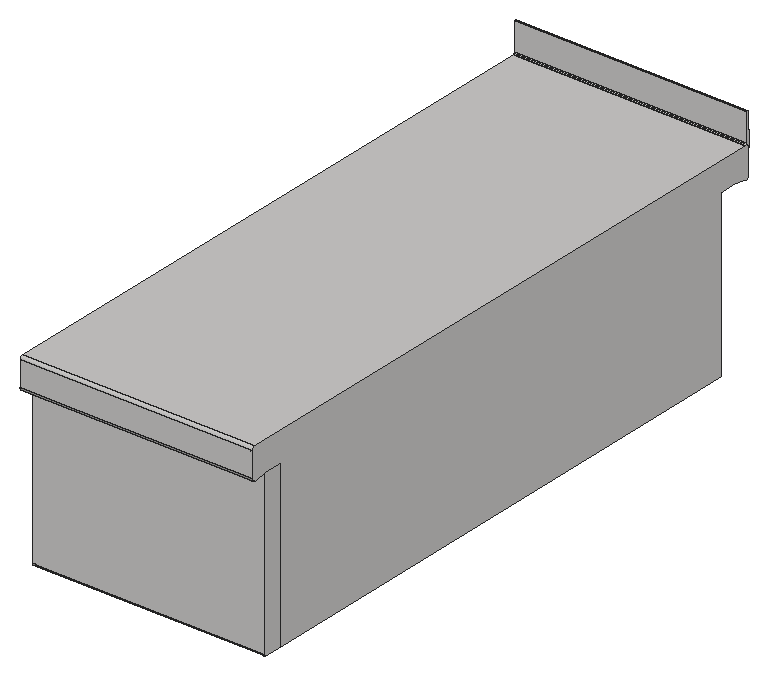
Revit family "QF_ELECTROLUXPROFESSIONAL_588107_MANABBCOOO", category Specialty Equipment, Revit 2018
Family settings
  Round Connector Dimension = Use Diameter
  Part Type = Normal
  Work Plane-Based = No
  Always vertical = Yes
  Cut with Voids When Loaded = No
  Shared = No
  Room Calculation Point = No
Parameters
  Weight in Pounds = 19.84
  URL Cutsheet = "www.electrolux.com/professional"
  URL = "www.electrolux.com/professional"
  Type Mark [instance] = ""
  Status [instance] = ""
  Specification by User [instance] = ""
  Specification by Manufacturer = ""
  Serial Number = ""
  Seismic Rating = ""
  SMACNA No = ""
  Revision Code [instance] = ""
  Omniclass Number and Title = ""
  NAFEM Spec ID Number = ""
  Model = "588107"
  Masterspec = ""
  Manufacturer = "ELECTROLUX"
  Item Number [instance] = ""
  Installed By [instance] = ""
  Identify Quantity as Lot [instance] = yes
  Furnished By [instance] = ""
  Foodservice Equipment Identifier [instance] = yes
  Direct Waste Size = 0"
  Description = "CLOSED WORK TOP,1-S,BACKSPL,300X800X250H"
  CSI MasterFormat = ""
  CSI Master Format = ""
Reference planes
  plane 1 "BACK": y = 0
  plane 2: z = 0
  plane 3 "LEFT": x = 0
  plane 4 "RIGHT": x = 300
  plane 5 "FRONT": y = -800
  plane 6 "TOP": z = 250
  plane 7 "Center Y": x = 150
  plane 8 "Center X": y = -400
  plane 9: z = 288
Forms (mm)
  Extrusion 1, solid, material "QF_Finishes_Stainless Steel"
    sketch origin (0, 50.048, 0) x (0, 1, 0) y (0, 0, 1)
      loop
        line (-95.048, 213) -> (-71.412, 213) -> (-54.743, 210.061)
        arc (-54.743, 210.061) -> (-51.477, 210.936) -> (-50.048, 214) r 4
        line (-50.048, 214) -> (-50.048, 246)
        arc (-50.048, 246) -> (-51.22, 248.828) -> (-54.048, 250) r 4
        line (-54.048, 250) -> (-846.048, 250)
        arc (-846.048, 250) -> (-848.877, 248.828) -> (-850.048, 246) r 4
        line (-850.048, 246) -> (-850.048, 214)
        arc (-850.048, 214) -> (-848.619, 210.936) -> (-845.353, 210.061) r 4
        line (-845.353, 210.061) -> (-828.509, 213) -> (-805.048, 213) -> (-805.048, 0) -> (-95.048, 0) -> (-95.048, 213)
    from 0 to 300
  Extrusion 2, solid, material "QF_Finishes_Stainless Steel"
    sketch origin (0, 50.048, 0) x (0, 1, 0) y (0, 0, 1)
      loop
        arc (-828.048, 213) -> (-829.462, 212.414) -> (-830.048, 211) r 2
        line (-830.048, 211) -> (-830.048, 2)
        arc (-830.048, 2) -> (-829.462, 0.586) -> (-828.048, 0) r 2
        line (-828.048, 0) -> (-805.048, 0) -> (-805.048, 213) -> (-828.048, 213)
    from 0 to 300
  Extrusion 3, solid, material "QF_Finishes_Stainless Steel"
    sketch origin (0, -950.048, 0) x (0, -1, 0) y (0, 0, -1)
      loop
        arc (-948.097, -252.006) -> (-947.511, -250.592) -> (-946.097, -250.006) r 2
        arc (-946.097, -250.006) -> (-948.877, -248.828) -> (-950.048, -246) r 4
        line (-950.048, -246) -> (-950.048, -288.006) -> (-948.097, -288.006) -> (-948.097, -252.006)
    from 0 to 300
Lines and regions (mm)
  symbolic lines
    curve 1: line (0, 0, 0) -> (300, 0, 0)
    curve 2: line (0, -800, 0) -> (0, 0, 0)
    curve 3: line (300, -800, 0) -> (0, -800, 0)
    curve 4: line (300, 0, 0) -> (300, -800, 0)
    curve 5: line (0, -1.951, 0) -> (300, -1.951, 0)
Dimensions and locks
  equal spacing: plane 3 "LEFT", plane 7 "Center Y", plane 4 "RIGHT"
  plane 3 "LEFT" to plane 4 "RIGHT" = 300.00 mm
  equal spacing: plane 5 "FRONT", plane 8 "Center X", plane 1 "BACK"
  plane 5 "FRONT" to plane 1 "BACK" = 800.00 mm
  plane 6 "TOP" to level = 250.00 mm
  plane 9 to level = 288.00 mm
  plane 9 to plane 6 "TOP" = 38.00 mm
  aligned and locked: level to plane 2
  aligned and locked: Extrusion 1 to plane 4 "RIGHT"
  aligned and locked: Extrusion 2 to plane 4 "RIGHT"
  aligned and locked: Extrusion 3 to plane 4 "RIGHT"
Automatic sketch dimensions
  Extrusion 1 sketch curve to plane 5 "FRONT" = 0.00 mm
  Extrusion 1 sketch curve to plane 6 "TOP" = 0.00 mm
  Extrusion 1 sketch curve to level = 0.00 mm
  Extrusion 1 sketch curve to plane 1 "BACK" = 0.00 mm
  Extrusion 1 sketch curve to plane 5 "FRONT" = 4.695 mm
  Extrusion 1 sketch curve to plane 6 "TOP" = 39.939 mm
  Extrusion 1 sketch curve to plane 5 "FRONT" = 4.00 mm  (x2)
  Extrusion 1 sketch curve to Extrusion 1 sketch curve = 16.844 mm
  Extrusion 1 sketch curve to plane 5 "FRONT" = 45.00 mm
  plane 1 "BACK" to Extrusion 1 sketch curve = 45.00 mm
  plane 1 "BACK" to Extrusion 1 sketch curve = 21.364 mm
  plane 1 "BACK" to Extrusion 1 sketch curve = 4.00 mm
  plane 1 "BACK" to Extrusion 1 sketch curve = 4.695 mm
  Extrusion 1 sketch curve to Extrusion 1 sketch curve = 0.00 mm  (x2)
  Extrusion 1 sketch curve to Extrusion 1 sketch curve = 4.00 mm
  Extrusion 1 sketch curve to plane 6 "TOP" = 37.00 mm  (x2)
  Extrusion 1 sketch curve to Extrusion 1 sketch curve = 1.00 mm
  Extrusion 2 sketch curve to level = 0.00 mm
  Extrusion 2 sketch curve to plane 5 "FRONT" = 20.00 mm
  level to Extrusion 2 sketch curve = 2.00 mm
  Extrusion 2 sketch curve to Extrusion 2 sketch curve = 2.00 mm
  Extrusion 2 sketch curve to Extrusion 2 sketch curve = 23.00 mm
  Extrusion 2 sketch curve to plane 6 "TOP" = 39.00 mm
  Extrusion 3 sketch curve to plane 1 "BACK" = 0.00 mm  (x2)
  Extrusion 3 sketch curve to plane 6 "TOP" = 2.006 mm
  Extrusion 3 sketch curve to plane 6 "TOP" = 0.00 mm
  Extrusion 3 sketch curve to plane 9 = 0.006 mm
  Extrusion 3 sketch curve to Extrusion 3 sketch curve = 1.951 mm
  Extrusion 3 sketch curve to Extrusion 3 sketch curve = 2.00 mm
  Extrusion 3 sketch curve to Extrusion 3 sketch curve = 0.049 mm
  Extrusion 3 sketch curve to Extrusion 3 sketch curve = 0.00 mm
  plane 1 "BACK" to curve 1 = 0.00 mm
  curve 1 to plane 3 "LEFT" = 0.00 mm
  curve 1 to plane 4 "RIGHT" = 0.00 mm
  plane 5 "FRONT" to curve 4 = 0.00 mm
  curve 5 to curve 1 = 1.951 mm
